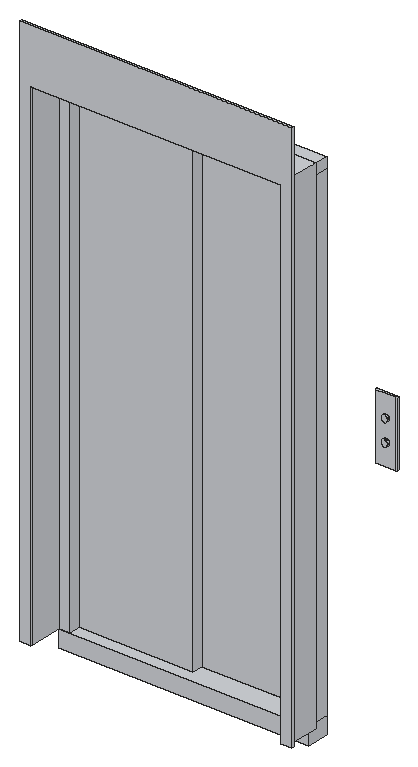
Revit family "BRU_Лифт_Двери_KOYO", category Двери, Revit 2021
Family settings
  Основа = Стена
  Всегда вертикально = Да
  При загрузке вырезать с полостями = Нет
  Общий = Нет
  Точка принадлежности помещению = Нет
Parameters (values of type "Лифт 4-12 ост. 2,4х2,5_П")
  Ширина шахты = 2400 mm
  Ширина кабины = Ширина шахты - Ширина груза - 300 mm  # 1840 mm
  Ширина груза = 260 mm  # constant formula
  Ширина внутренней стены = 160 mm
  Width = 1200 mm
  Толщина стены [instance] = 200 mm
  Толщина пола [instance] = 80 mm
  Толщина отделки стены [instance] = 0 mm
  Привязка шахта внутренняя стена = if([2 Лифт], Ширина внутренней стены / 2, 0 mm)  # 0 mm
  Привязка отверстия ширина = 300 mm
  Привязка отверстия высота = 1300 mm
  Привязка отверстия 2 ширина = if(and(Отверстие для кнопки, Отверстие для кнопки 2), Привязка отверстия ширина, 0 mm)  # 0 mm
  Привязка кнопки ширина [instance] = 450 mm
  Привязка кнопки высота [instance] = 1450 mm
  Привязка двери = 1040 mm
  Панель с кнопками [instance] = yes
  Отверстие для кнопки 2 = no
  Отверстие для кнопки = yes
  Привязка груза = Ширина кабины + 200 mm + Ширина груза / 2 + Привязка шахта внутренняя стена  # 2170 mm
  Определить тепловые свойства по = Тип схем
  Наличник ширина по бокам = 50 mm
  Наличник ширина сверху = 300 mm
  Наличник толщина = 10 mm
  Наличник = yes
  Монтажный зазор сверху = 30 mm
  Монтажный зазор по бокам = 30 mm
  Материал рамы = none
  Материал панели кнопок = none
  Материал отделки откосов = none
  Материал наличника = none
  Материал двери = none
  Кабина привязка ширина = Ширина кабины / 2 + 100 mm  # 1020 mm
  Длина груза = 1300 mm  # constant formula
  Группа модели = "Лифт"
  Глубина шахты = 2500 mm
  Кабина привязка глубина = Глубина кабины / 2  # 1100 mm
  Глубина кабины = Глубина шахты - 300 mm  # 2200 mm
  Height = 2315 mm
  Вторая панель кнопок [instance] = no
  Видимость второй панели кнопок [instance] = if(and(Панель с кнопками, Вторая панель кнопок), 1 = 1, 1 = 0)  # no
  Видимость второго отверстия для кнопки = if(and(Отверстие для кнопки, Отверстие для кнопки 2), 1 = 1, 1 = 0)  # no
  Аналитическая конструкция = "<Нет>"
  Расстояние между дверями = if([2 Лифт], Привязка двери * 2, 0 mm)  # 0 mm
  2 Лифт = no
Reference planes
  plane 1 "Стена": y = 0
  plane 2 "По центру (Влево/Вправо)": x = 125
  plane 3 "Сзади": y = 100
  plane 4 "Верх проема": z = 2315
  plane 5 "Зазор сверху": z = 2285
  plane 6 "Уровень плиты": z = -80
  plane 7 "Проем слева": x = -1515
  plane 8: x = -315
  plane 9 "Задняя сторона шахты": y = 2600
  plane 10 "Левая сторона шахты": x = -2275
  plane 11 "Правая сторона шахты": x = 125
  plane 12 "126": x = 2525
  plane 13 "127": x = 125
  plane 14 "Центр двери основного лифта": x = -915
  plane 15: x = -315
  plane 16: x = -1515
  plane 17: x = -915
  plane 18: z = 0
  plane 19: x = -2045
  plane 20: y = 2450
  plane 21: y = 1350
  plane 22: x = 2295
  plane 23 "Отделка": y = -100
  plane 24 "Спереди": y = -100
  plane 25 "Отверстие": x = -615
  plane 26: x = 135
  plane 27: z = 1450
  plane 28: x = -895
  plane 29: x = 1145
  plane 30: z = 1450
  plane 31 "Отверстие 2": x = -915
  plane 32 "Отверстие высота": z = 1300
  plane 33: x = 135
Lines and regions (mm)
  Opening 1
    outline origin (-4263.836, -100, 0) x (1, 0, 0) y (0, 0, 1)
      loop
        line (3948.836, -80) -> (3948.836, 2315) -> (2748.836, 2315) -> (2748.836, -80) -> (3948.836, -80)
  Opening 2
    outline origin (-3983.836, -100, 0) x (1, 0, 0) y (0, 0, 1)
      loop
        line (3668.836, -80) -> (3668.836, 2315) -> (2468.836, 2315) -> (2468.836, -80) -> (3668.836, -80)
  Opening 3
    outline origin (-4183.836, -100, 0) x (1, 0, 0) y (0, 0, 1)
      loop
        circle (3268.836, 1300) r 20
  Opening 4
    outline origin (-4263.836, -100, 0) x (1, 0, 0) y (0, 0, 1)
      loop
        circle (3648.836, 1300) r 20
  symbolic lines, style "DoorsHiddenLines", visible <- "2 Лифт"
    curve 1: line (2525, 2600, 0) -> (125, 2600, 0)
    curve 2: line (2525, 100, 0) -> (2525, 2600, 0)
    curve 3: line (125, 2600, 0) -> (125, 100, 0)
Text (mm)
  text "Сторона размещения" at (-4548.776, 1614.751, 0), in view "Опорный уровень"
  text "Сторона размещения" at (0, 1409.804, 2854.306), in view "Слева"
  text "Сторона размещения" at (0, 499.811, 2980.732), in view "Справа"
Dimensions and locks
  locked: plane 3 "Сзади" to host wall
  "Height": plane 18 to plane 4 "Верх проема"
  "Монтажный зазор сверху": plane 5 "Зазор сверху" to plane 4 "Верх проема"
  "Толщина пола": plane 6 "Уровень плиты" to plane 18
  "Ширина шахты": plane 10 "Левая сторона шахты" to plane 11 "Правая сторона шахты"
  "Ширина шахты": plane 13 "127" to plane 12 "126"
  "Глубина шахты": plane 9 "Задняя сторона шахты" to plane 3 "Сзади"
  equal spacing: plane 9 "Задняя сторона шахты", plane 21, plane 3 "Сзади"
  "Толщина отделки стены": host wall to plane 23 "Отделка"
  equal spacing: plane 16, plane 17, plane 15
  "Width": plane 16 to plane 15
  "Width": plane 7 "Проем слева" to plane 8
  "Расстояние между дверями": plane 14 "Центр двери основного лифта" to plane 17
  "Толщина стены": host wall to host wall
  equal spacing: plane 7 "Проем слева", plane 14 "Центр двери основного лифта", plane 8
  "Привязка груза": plane 19 to plane 2 "По центру (Влево/Вправо)"
  "Привязка груза": plane 2 "По центру (Влево/Вправо)" to plane 22
  "Привязка шахта внутренняя стена": plane 2 "По центру (Влево/Вправо)" to plane 13 "127"
  "Привязка шахта внутренняя стена": plane 11 "Правая сторона шахты" to plane 2 "По центру (Влево/Вправо)"
  "Привязка двери": plane 14 "Центр двери основного лифта" to plane 2 "По центру (Влево/Вправо)"
  "Привязка отверстия ширина": plane 14 "Центр двери основного лифта" to plane 25 "Отверстие"
  "Привязка кнопки ширина": plane 8 to plane 26
  "Привязка кнопки высота": plane 27 to plane 18
  "Кабина привязка глубина": plane 21 to plane 20
  "Кабина привязка ширина": plane 28 to plane 11 "Правая сторона шахты"
  "Кабина привязка ширина": plane 13 "127" to plane 29
  "Привязка кнопки высота": plane 30 to plane 18
  locked: plane 31 "Отверстие 2" to Opening 3 sketch curve
  locked: Opening 3 sketch curve to plane 32 "Отверстие высота"
  "Привязка отверстия высота": plane 18 to plane 32 "Отверстие высота"
  locked: plane 25 "Отверстие" to Opening 4 sketch curve
  locked: Opening 4 sketch curve to plane 32 "Отверстие высота"
  plane 14 "Центр двери основного лифта" to plane 25 "Отверстие" = 300 mm
  "Привязка отверстия 2 ширина": plane 17 to plane 31 "Отверстие 2"
  "Привязка кнопки ширина": plane 15 to plane 33
  aligned and locked: host wall to plane 1 "Стена"
  aligned and locked: plane 8 to Opening 1 sketch curve
  aligned and locked: plane 4 "Верх проема" to Opening 1 sketch curve
  aligned and locked: plane 7 "Проем слева" to Opening 1 sketch curve
  aligned and locked: Opening 2 sketch curve to plane 15
  aligned and locked: plane 4 "Верх проема" to Opening 2 sketch curve
  aligned and locked: Opening 2 sketch curve to plane 16
  aligned and locked: curve 3 to plane 13 "127"
  aligned and locked: plane 12 "126" to curve 2
  aligned and locked: Opening 2 sketch curve to plane 6 "Уровень плиты"
  aligned and locked: Opening 1 sketch curve to plane 6 "Уровень плиты"
  aligned and locked: level to plane 18
  aligned and locked: nested 1 to plane 20
  aligned and locked: plane 19 to nested 2
  aligned and locked: nested 2 to plane 20
  aligned and locked: plane 24 "Спереди" to host wall
  aligned and locked: nested 3 to plane 14 "Центр двери основного лифта"
  aligned and locked: nested 3 to plane 3 "Сзади"
  aligned and locked: nested 5 to plane 20
  aligned and locked: nested 6 to plane 20
  aligned and locked: nested 6 to plane 22
  aligned and locked: plane 3 "Сзади" to nested 7
  aligned and locked: plane 17 to nested 7
  aligned and locked: plane 26 to nested 4
  aligned and locked: nested 4 to plane 27
  aligned and locked: nested 1 to plane 28
  aligned and locked: nested 5 to plane 29
  aligned and locked: nested 8 to plane 30
  aligned and locked: plane 33 to nested 8
Automatic sketch dimensions
  curve 3 to host wall = 0 mm
  curve 2 to plane 9 "Задняя сторона шахты" = 0 mm
  curve 2 to host wall = 0 mm
  radius of Opening 3 sketch curve = 20 mm
  radius of Opening 4 sketch curve = 20 mm
Nested families
  nested 1: "Кабина" at (-895, 2450, 0), Глубина <- "Глубина кабины", Ширина <- "Ширина кабины", type "Кабина"
    with Ширина 1840 mm, Глубина 2200 mm
  nested 2: "Кабина" at (-2045, 2450, 0), Глубина <- "Длина груза", Ширина <- "Ширина груза", type "Кабина"
    with Ширина 260 mm, Глубина 1300 mm
  nested 3: "Двери" at (-915, 100, 0) x (-1, 0, 0) z (0, 0, 1), type "Двери"
    with Высота проема 2395 mm, Height 2315 mm
  nested 4: "Панель с кнопками" at (135, -100, 1450) x (1, 0, 0) z (0, -1, 0), visible <- "Панель с кнопками", type "Панельс кнопками", detail levels fine
  nested 5: "Кабина" at (1145, 2450, 0), Глубина <- "Глубина кабины", Ширина <- "Ширина кабины", visible <- "2 Лифт", type "Кабина"
    with Ширина 1840 mm, Глубина 2200 mm
  nested 6: "Кабина" at (2295, 2450, 0), Глубина <- "Длина груза", Ширина <- "Ширина груза", visible <- "2 Лифт", type "Кабина"
    with Ширина 260 mm, Глубина 1300 mm
  nested 7: "Двери" at (-915, 100, 0), visible <- "2 Лифт", type "Двери"
    with Высота проема 2395 mm, Height 2315 mm
  nested 8: "Панель с кнопками" at (135, -100, 1450) x (1, 0, 0) z (0, -1, 0), visible <- "Видимость второй панели кнопок", type "Панельс кнопками", detail levels fine
Definition of nested family "Двери"
  Parameters (values of type "Двери")
    Ширина_половина = Width / 2  # 600 mm
    Ширина створки = (Width - Монтажный зазор по бокам * 2 - Ширина рамы * 2) / 2  # 520 mm
    Ширина рамы = 50 mm
    Ширина двери в свету = Width - Монтажный зазор по бокам * 2 - Ширина рамы * 2  # 1040 mm
    Width = 1200 mm
    Толщина стены с отделкой = Толщина стены + Толщина отделки  # 200 mm
    Толщина стены = 200 mm
    Толщина пола = 80 mm
    Толщина отделки = 0 mm
    Thickness = 50 mm
    Rough Width = Width - Монтажный зазор по бокам * 2  # 1140 mm
    Rough Height = Height - Монтажный зазор сверху  # 2270 mm
    Наличник ширина сверху = 300 mm
    Наличник ширина по бокам = 50 mm
    Наличник толщина = 10 mm
    Наличник = yes
    Монтажный зазор сверху = 30 mm
    Монтажный зазор по бокам = 30 mm
    Материал рамы = none
    Материал откоса = none
    Материал наличника = none
    Материал двери = none
    Глубина рамы = 100 mm  # constant formula
    Глубина откоса = Толщина стены + Толщина отделки - Глубина вставки в стену  # 150 mm
    Глубина вставки в стену = 50 mm  # constant formula
    Высота проема = Height + Толщина пола  # 2380 mm
    Height = 2300 mm
    Analytic Construction = "<Нет>"
  Reference planes
    plane 1 "Внутренняя сторона стены": y = 0
    plane 2: z = 0
    plane 3 "Центр двери": x = 0
    plane 4 "Зазор слева": x = -570
    plane 5 "Дверь слева": x = -520
    plane 6 "Проем слева": x = -600
    plane 7 "Дверь справа": x = 520
    plane 8 "Зазор справа": x = 570
    plane 9 "Проем справа": x = 600
    plane 10 "Высота проема": z = 2300
    plane 11 "По центру Л/Р": z = 2270
    plane 12 "Дверь 1": y = -50
    plane 13 "Дверь 2": y = -100
    plane 14: z = 2220
    plane 15 "Глубина рама": y = 50
    plane 16: z = -80
    plane 17: y = -10
    plane 18: y = -60
    plane 19 "Створка": x = 1040
    plane 20 "Стена": y = 200
    plane 21: x = 620
    plane 22: x = -620
    plane 23: z = 2520
    plane 24 "Стена откос": y = 200
  Forms (mm)
    Extrusion 1, solid, material <- "Материал рамы", detail levels medium+fine
      sketch origin (0, 50, 0) x (1, 0, 0) y (0, 0, 1)
        loop
          line (-570, -80) -> (570, -80) -> (570, 0) -> (-570, 0) -> (-570, -80)
      from 0 to 100 <- "Глубина рамы"
    Extrusion 2, solid, material <- "Материал двери", detail levels medium+fine
      sketch origin (90, 0, 0) x (1, 0, 0) y (0, 1, 0)
        loop
          line (-90, 0) -> (-90, -50) -> (430, -50) -> (430, 0) -> (-90, 0)
      from 0 to 2220
    Extrusion 3, solid, material <- "Материал двери", detail levels medium+fine
      sketch origin (-530, -50, 0) x (1, 0, 0) y (0, 1, 0)
        loop
          line (10, 0) -> (10, -50) -> (530, -50) -> (530, 0) -> (10, 0)
      from 0 to 2220
    Extrusion 4, solid, material <- "Материал рамы", detail levels medium+fine
      sketch origin (0, 50, 0) x (1, 0, 0) y (0, 0, 1)
        loop
          line (-570, 2220) -> (-570, 0) -> (-520, 0) -> (-520, 2220) -> (-570, 2220)
      from 0 to 100 <- "Глубина рамы"
    Extrusion 5, solid, material <- "Материал рамы", detail levels medium+fine
      sketch origin (90, 50, 0) x (1, 0, 0) y (0, 0, 1)
        loop
          line (480, 2220) -> (430, 2220) -> (430, 0) -> (480, 0) -> (480, 2220)
      from 0 to 100 <- "Глубина рамы"
    Extrusion 6, solid, material <- "Материал рамы", detail levels medium+fine
      sketch origin (0, 50, 0) x (1, 0, 0) y (0, 0, 1)
        loop
          line (-570, 2220) -> (570, 2220) -> (570, 2270) -> (-570, 2270) -> (-570, 2220)
      from 0 to 100 <- "Глубина рамы"
    Extrusion 7, solid, material <- "Материал наличника", visible <- "Наличник", detail levels fine
      sketch origin (0, 200, 0) x (-1, 0, 0) y (0, 0, 1)
        loop
          line (-570, 0) -> (-570, 2270) -> (570, 2270) -> (570, 0) -> (620, 0) -> (620, 2520) -> (-620, 2520) -> (-620, 0) -> (-570, 0)
      from 0 to 10 <- "Наличник толщина"
    Extrusion 8, solid, material <- "Материал откоса", detail levels fine
      sketch origin (0, 200, 0) x (1, 0, 0) y (0, 0, 1)
        loop
          line (570, 0) -> (600, 0) -> (600, 2300) -> (-600, 2300) -> (-600, 0) -> (-570, 0) -> (-570, 2270) -> (570, 2270) -> (570, 0)
      from 0 to 150 <- "Глубина откоса"
  Lines and regions (mm)
    symbolic lines, detail levels fine
      curve 1: line (570, 50, 0) -> (600, 50, 0)
      curve 2: line (570, 0, 0) -> (570, 50, 0)
      curve 3: line (600, 0, 0) -> (570, 0, 0)
      curve 4: line (600, 50, 0) -> (600, 0, 0)
      curve 5: line (-600, 50, 0) -> (-570, 50, 0)
      curve 6: line (-600, 0, 0) -> (-600, 50, 0)
      curve 7: line (-570, 0, 0) -> (-600, 0, 0)
      curve 8: line (-570, 50, 0) -> (-570, 0, 0)
      curve 9: line (-570, 50, 0) -> (-520, 50, 0)
      curve 10: line (-570, -50, 0) -> (-570, 50, 0)
      curve 11: line (-520, -50, 0) -> (-570, -50, 0)
      curve 12: line (-520, 50, 0) -> (-520, -50, 0)
      curve 13: line (520, 50, 0) -> (570, 50, 0)
      curve 14: line (520, 0, 0) -> (520, 50, 0)
      curve 15: line (570, 0, 0) -> (520, 0, 0)
      curve 16: line (570, 50, 0) -> (570, 0, 0)
      curve 17: line (-520, 50, 0) -> (570, 50, 0)
      curve 18: line (-520, -50, 0) -> (-520, 50, 0)
      curve 19: line (570, -50, 0) -> (-520, -50, 0)
      curve 20: line (570, 50, 0) -> (570, -50, 0)
      curve 21: line (520, -50, 0) -> (1040, -50, 0)
      curve 22: line (520, -10, 0) -> (520, -50, 0)
      curve 23: line (1040, -10, 0) -> (520, -10, 0)
      curve 24: line (1040, -50, 0) -> (1040, -10, 0)
      curve 25: line (520, -100, 0) -> (1040, -100, 0)
      curve 26: line (520, -60, 0) -> (520, -100, 0)
      curve 27: line (1040, -60, 0) -> (520, -60, 0)
      curve 28: line (1040, -100, 0) -> (1040, -60, 0)
    symbolic lines, detail levels coarse
      curve 29: line (-600, 0, 0) -> (600, 0, 0)
  Dimensions and locks
    "Ширина_половина": plane 6 "Проем слева" to plane 3 "Центр двери" to plane 9 "Проем справа"
    "Монтажный зазор по бокам": plane 8 "Зазор справа" to plane 9 "Проем справа"
    "Монтажный зазор по бокам": plane 6 "Проем слева" to plane 4 "Зазор слева"
    "Ширина рамы": plane 7 "Дверь справа" to plane 8 "Зазор справа"
    "Ширина рамы": plane 4 "Зазор слева" to plane 5 "Дверь слева"
    "Монтажный зазор сверху": plane 10 "Высота проема" to plane 11 "По центру Л/Р"
    "Thickness": plane 11 "По центру Л/Р" to plane 14
    "Height": plane 10 "Высота проема" to plane 2
    "Толщина пола": plane 2 to plane 16
    locked: plane 1 "Внутренняя сторона стены" to plane 17 at 10
    locked: plane 12 "Дверь 1" to plane 18 at 10
    "Ширина створки": plane 7 "Дверь справа" to plane 19 "Створка"
    "Толщина стены с отделкой": plane 1 "Внутренняя сторона стены" to plane 20 "Стена"
    "Наличник ширина по бокам": plane 21 to plane 8 "Зазор справа"
    "Наличник ширина по бокам": plane 22 to plane 4 "Зазор слева"
    "Наличник ширина сверху": plane 14 to plane 23
    "Толщина стены с отделкой": plane 1 "Внутренняя сторона стены" to plane 24 "Стена откос"
    "Глубина вставки в стену": plane 1 "Внутренняя сторона стены" to plane 15 "Глубина рама"
    aligned and locked: plane 8 "Зазор справа" to Extrusion 1 sketch curve
    aligned and locked: Extrusion 2 to plane 1 "Внутренняя сторона стены"
    aligned and locked: Extrusion 2 to plane 3 "Центр двери"
    aligned and locked: Extrusion 2 to plane 12 "Дверь 1"
    aligned and locked: plane 7 "Дверь справа" to Extrusion 2
    aligned and locked: plane 3 "Центр двери" to Extrusion 3
    aligned and locked: Extrusion 3 to plane 5 "Дверь слева"
    aligned and locked: plane 12 "Дверь 1" to Extrusion 3
    aligned and locked: plane 13 "Дверь 2" to Extrusion 3
    aligned and locked: plane 4 "Зазор слева" to Extrusion 1 sketch curve
    aligned and locked: plane 14 to Extrusion 4
    aligned and locked: plane 14 to Extrusion 3
    aligned and locked: plane 14 to Extrusion 2
    aligned and locked: Extrusion 4 sketch curve to plane 14
    aligned and locked: Extrusion 4 sketch curve to plane 5 "Дверь слева"
    aligned and locked: plane 4 "Зазор слева" to Extrusion 4 sketch curve
    aligned and locked: plane 7 "Дверь справа" to Extrusion 5 sketch curve
    aligned and locked: plane 14 to Extrusion 5 sketch curve
    aligned and locked: plane 8 "Зазор справа" to Extrusion 5 sketch curve
    aligned and locked: level to Extrusion 4 sketch curve
    aligned and locked: Extrusion 5 sketch curve to level
    aligned and locked: level to plane 2
    aligned and locked: Extrusion 6 sketch curve to plane 14
    aligned and locked: Extrusion 6 sketch curve to plane 11 "По центру Л/Р"
    aligned and locked: Extrusion 6 sketch curve to plane 4 "Зазор слева"
    aligned and locked: Extrusion 6 sketch curve to plane 8 "Зазор справа"
    aligned and locked: plane 2 to Extrusion 1 sketch curve
    aligned and locked: Extrusion 1 sketch curve to plane 16
    aligned and locked: Extrusion 7 sketch curve to plane 23
    aligned and locked: Extrusion 7 sketch curve to plane 21
    aligned and locked: Extrusion 7 sketch curve to plane 22
    aligned and locked: Extrusion 7 sketch curve to plane 2  (x2)
    aligned and locked: plane 6 "Проем слева" to curve 29
    aligned and locked: plane 9 "Проем справа" to curve 29
    aligned and locked: plane 1 "Внутренняя сторона стены" to curve 29
    aligned and locked: Extrusion 8 sketch curve to plane 9 "Проем справа"
    aligned and locked: Extrusion 8 sketch curve to plane 8 "Зазор справа"
    aligned and locked: Extrusion 8 sketch curve to plane 10 "Высота проема"
    aligned and locked: Extrusion 8 sketch curve to plane 11 "По центру Л/Р"
    aligned and locked: Extrusion 8 sketch curve to plane 6 "Проем слева"
    aligned and locked: Extrusion 8 sketch curve to plane 4 "Зазор слева"
    aligned and locked: Extrusion 7 sketch curve to plane 8 "Зазор справа"
    aligned and locked: Extrusion 7 sketch curve to plane 11 "По центру Л/Р"
    aligned and locked: Extrusion 7 sketch curve to plane 4 "Зазор слева"
  Automatic sketch dimensions
    Extrusion 2 sketch curve to plane 3 "Центр двери" = 0 mm
    Extrusion 2 sketch curve to plane 7 "Дверь справа" = 0 mm
    Extrusion 2 sketch curve to plane 12 "Дверь 1" = 0 mm
    plane 1 "Внутренняя сторона стены" to Extrusion 2 sketch curve = 0 mm
    Extrusion 3 sketch curve to plane 5 "Дверь слева" = 0 mm
    Extrusion 3 sketch curve to plane 3 "Центр двери" = 0 mm
    plane 13 "Дверь 2" to Extrusion 3 sketch curve = 0 mm
    Extrusion 3 sketch curve to plane 12 "Дверь 1" = 0 mm
    Extrusion 8 sketch curve to level = 0 mm  (x2)
    curve 8 to plane 4 "Зазор слева" = 0 mm
    curve 19 to plane 5 "Дверь слева" = 0 mm
    curve 26 to plane 7 "Дверь справа" = 0 mm
    curve 15 to plane 7 "Дверь справа" = 0 mm
    curve 21 to plane 7 "Дверь справа" = 0 mm
    curve 17 to plane 8 "Зазор справа" = 0 mm
    plane 12 "Дверь 1" to curve 21 = 0 mm
    curve 21 to plane 19 "Створка" = 0 mm
    curve 27 to plane 18 = 0 mm
    curve 27 to plane 19 "Створка" = 0 mm
    plane 13 "Дверь 2" to curve 28 = 0 mm
    curve 19 to plane 12 "Дверь 1" = 0 mm
    curve 24 to plane 17 = 0 mm
    plane 15 "Глубина рама" to curve 17 = 0 mm
Definition of nested family "Панель с кнопками"
  Parameters (values of type "Панельс кнопками")
    Ширина = 100 mm
    Толщина панели = 10 mm
    Толщина отделки = 0 mm
    Default Elevation = 1219.2 mm
    Материал панели кнопок = none
    Высота = 300 mm
  Reference planes
    plane 1 "По центру (Вперед/Назад)": y = 0
    plane 2: z = 0
    plane 3 "По центру (Влево/Вправо)": x = 0
    plane 4: x = -50
    plane 5: x = 50
    plane 6: y = -150
    plane 7: y = 150
    plane 8: y = 50
    plane 9: y = -50
    plane 10 "Размещение": z = 0
    plane 11 "Кнопки": z = 9.962
  Forms (mm)
    Extrusion 1, solid
      sketch origin (0, 0, 0) x (1, 0, 0) y (0, 1, 0)
        loop
          line (-1219.2, 1219.2) -> (-1219.2, -1219.2) -> (1219.2, -1219.2) -> (1219.2, 1219.2) -> (-1219.2, 1219.2)
      from 0 to -304.8
    Sweep 2, solid
      path origin (0, 0, 0) x (-1, 0, 0) y (0, -1, 0)
        loop
          line (0, 150) -> (0, -150)
      profile origin (0, 0, 0) x (-1, 0, 0) y (0, 0, 1)
        loop
          line (-50, 0) -> (50, 0) -> (50, 5)
          arc (50, 5) -> (48.547, 8.508) -> (45.038, 9.962) r 4.962
          line (45.038, 9.962) -> (-45.038, 9.962)
          arc (-45.038, 9.962) -> (-48.547, 8.508) -> (-50, 5) r 4.962
          line (-50, 5) -> (-50, 0)
    Extrusion 3, solid
      sketch origin (0, 0, 0) x (-1, 0, 0) y (0, -1, 0)
        loop
          circle (0, -50) r 15
        loop
          circle (0, 50) r 15
      from 10 <- "Толщина панели" to 18
  Dimensions and locks
    equal spacing: plane 4, plane 3 "По центру (Влево/Вправо)", plane 5
    equal spacing: plane 7, plane 1 "По центру (Вперед/Назад)", plane 6
    "Ширина": plane 4 to plane 5
    "Высота": plane 7 to plane 6
    equal spacing: plane 7, plane 8, plane 9, plane 6
    "Толщина отделки": plane 10 "Размещение" to plane 2
    locked: plane 11 "Кнопки" to plane 10 "Размещение" at 9.962
    aligned and locked: plane 2 to Extrusion 1
    aligned and locked: level to Extrusion 1
    aligned and locked: Sweep 2 sketch curve to profile plane
    aligned and locked: plane 11 "Кнопки" to Sweep 2 sketch curve
    aligned and locked: Sweep 2 sketch curve to plane 4
    aligned and locked: plane 5 to Sweep 2 sketch curve
  Automatic sketch dimensions
    Extrusion 1 sketch curve to Extrusion 1 sketch curve = 2438.4 mm  (x2)
    Sweep 2 sketch curve to Sweep 2 sketch curve = 4.962 mm  (x2)
    Sweep 2 sketch curve to plane 3 "По центру (Влево/Вправо)" = 0 mm
    Sweep 2 sketch curve to plane 7 = 0 mm
    Sweep 2 sketch curve to plane 6 = 0 mm
    Extrusion 3 sketch curve to plane 3 "По центру (Влево/Вправо)" = 0 mm  (x2)
    Extrusion 3 sketch curve to plane 8 = 0 mm
    Extrusion 3 sketch curve to plane 9 = 0 mm
    radius of Extrusion 3 sketch curve = 15 mm  (x2)
Definition of nested family "Кабина"
  Parameters (values of type "Кабина")
    Ширина [instance] = 1700 mm
    Default Elevation = 0 mm
    Глубина [instance] = 1500 mm
  Reference planes
    plane 1 "По центру (Вперед/Назад)": y = 0
    plane 2: z = 0
    plane 3 "По центру (Влево/Вправо)": x = 0
    plane 4: x = -850
    plane 5: x = 850
    plane 6: y = -1500
  Lines and regions (mm)
    symbolic lines, detail levels medium+fine
      curve 1: line (-850, 0, 0) -> (-850, -1500, 0)
      curve 2: line (850, 0, 0) -> (-850, 0, 0)
      curve 3: line (850, 0, 0) -> (850, -1500, 0)
      curve 4: line (-850, -1500, 0) -> (850, -1500, 0)
      curve 5: line (-850, 0, 0) -> (850, -1500, 0)
      curve 6: line (850, 0, 0) -> (-850, -1500, 0)
  Dimensions and locks
    "Глубина": plane 6 to plane 1 "По центру (Вперед/Назад)"
    equal spacing: plane 4, plane 3 "По центру (Влево/Вправо)", plane 5
    "Ширина": plane 4 to plane 5
    aligned and locked: level to plane 2
  Automatic sketch dimensions
    plane 1 "По центру (Вперед/Назад)" to curve 1 = 0 mm
    curve 6 to plane 4 = 0 mm
    curve 6 to plane 5 = 0 mm
    curve 4 to plane 6 = 0 mm
